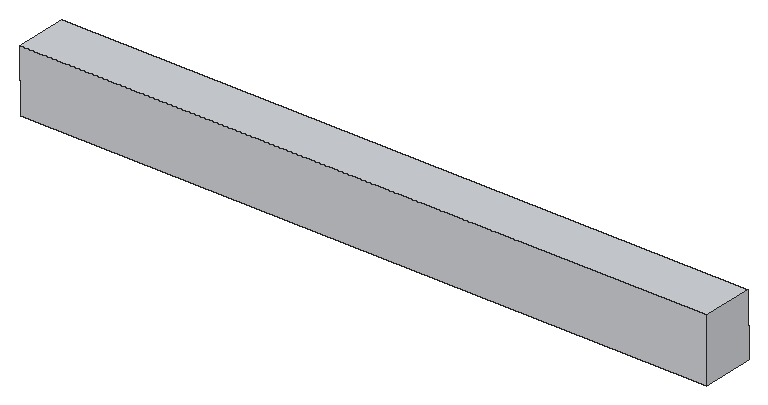
Revit family "1764_ TUPEX ELECTRIC_HVL", category Lighting Fixtures, host Face, Revit 2016
Family settings
  Host = Face
  Part Type = Normal
  Round Connector Dimension = Use Diameter
  Cut with Voids When Loaded = No
  Light Source = Yes
  Shared = No
  Room Calculation Point = Yes
Parameters
  Wattage = 34 W
  built-in parameter 1150110 = 1 (stored number, unit not read)
  VOLTS = 220 V
  built-in parameter 1114217 = 1 (stored number, unit not read)
  Tilt Angle = 90.00°
  built-in parameter 1150109 = 1 (stored number, unit not read)
  built-in parameter 1150134 = 3
  built-in parameter 1150113 = 1 (stored number, unit not read)
  Photometric Web File = "HLP1MKO_700.IES"
  built-in parameter 1150105 = 238.1 (stored number, unit not read)
  Lumens = 2992 lm
  built-in parameter 1150115 = 1 (stored number, unit not read)
  built-in parameter 1150137 = (empty or 0)
  built-in parameter 1150139 = (empty or 0)
  built-in parameter 1150112 = 1 (stored number, unit not read)
  built-in parameter 1150114 = 1 (stored number, unit not read)
  built-in parameter 1150132 = (empty or 0)
  built-in parameter 1150102 = (empty or 0)
  built-in parameter 1150107 = 3200 (stored number, unit not read)
  built-in parameter 1150138 = (empty or 0)
  built-in parameter 1150106 = 2.381 (stored number, unit not read)
  Emit from Line Length = 609.6 mm
  built-in parameter 1150104 = 8.1755 (stored number, unit not read)
  Dimming Lamp Color Temperature Shift = (empty or 0)
  Default Elevation = 1219.2 mm
  Color Filter = 16777215
  built-in parameter 1114218 = 1 (stored number, unit not read)
  built-in parameter 1150133 = 10 (stored number, unit not read)
  Apparent Load = 38 VA
Reference planes
  plane 1 "Center (Front/Back)": y = 0
  plane 2: z = 0
  plane 3 "Center (Left/Right)": x = 0
  plane 4: x = 1196
  plane 5: y = -90
  plane 6: z = 100
  plane 7: z = -10
  plane 8: z = -314.8
Forms (mm)
  Extrusion 1, solid
    sketch origin (0, 0, 0) x (1, 0, 0) y (0, 0, 1)
      loop
        line (0, 100) -> (0, -10) -> (1196, -10) -> (1196, 100) -> (0, 100)
    from 0 to 90
Dimensions and locks
  aligned and locked: plane 2 to host face
  aligned and locked: level to host face
Connectors
  electrical at (598, -45, 100), driven by "VOLTS", driven by "Apparent Load"
    settings: on Extrusion 1, index 1, voltage 220 V, apparent load 0 VA, apparent load phase1 38 VA, apparent load phase2 0 VA, apparent load phase3 0 VA, power factor 1, load classification "Other", number of poles 1, system type 31, power factor state 1, is connector primary yes, connector utility no, sub classification motor no, connector description ""
